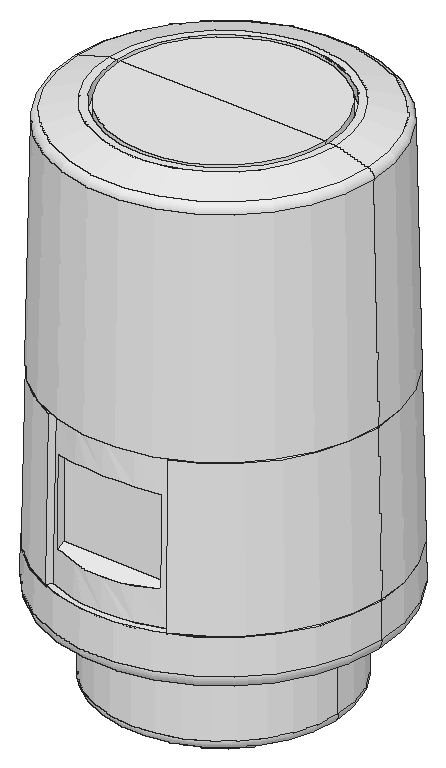
Revit family "Danfoss Ally Radiator Thermostat_RFA", category Pipe Accessories, Revit 2019
Family settings
  Round Connector Dimension = Use Diameter
  Part Type = Normal
  Work Plane-Based = No
  Always vertical = Yes
  Cut with Voids When Loaded = No
  Shared = Yes
Parameters (values of type "Danfoss Ally Radiator Thermostat_014G2420")
  URL = "https://assets.danfoss.com/documents/149932/AI319043912283en-030105.pdf"
  Spindle movement = "Linear, up to 4.5 mm, max. 2 mm on valve (1 mm/s"  # constant formula
  Setting Temperature Range = "5 to 35 °C\r"  # constant formula
  Recommended use = "Residential (pollution degree 2)\r"  # constant formula
  Power Supply = "2 x 1.5 V alkaline AA batteries"  # constant formula
  Piower Supply RT = ""
  Model Type = "Programmable electronic radiator valve controller"  # constant formula
  Model = "014G2420"
  Maximum Water Temperature = "90 °C\r"  # constant formula
  Manufacturer = "Danfoss"  # constant formula
  IfcExportType = "Danfoss Ally Radiator Thermostat"  # constant formula
  IfcExportAs = "IfcActuatorType"  # constant formula
  IP Rating = "IP20"  # constant formula
  H_RAVL = 85 mm
  H_RAV = 85 mm
  H_RA = 93.2 mm
  H_M30 = 80.8 mm
  H_GIACOMINI = 88.7 mm
  H_CALEFFI = 81.6 mm
  H2 = 35.4 mm  # constant formula
  H1 = 8.4 mm  # constant formula
  H = 76.6 mm  # constant formula
  Display = "LCD with white backlight"  # constant formula
  Description = "Danfoss Ally Radiator Thermostat"  # constant formula
  D = 55.4 mm  # constant formula
  D1 = 52.4 mm  # constant formula
  Control = "PID\r"  # constant formula
  Ambient Temperature Range = "0 to 40 °C\r"  # constant formula
  Adapter_RAVL = no
  Adapter_RAV = no
  Adapter_RA = yes
  Adapter_M30 = yes
  Adapter_Giacomini = no
  Adapter_Caleffi = no
  Actuator = "Electromechanical"  # constant formula
Types (3, lengths in mm): name | Model | Adapter_RAVL | Adapter_RAV | Adapter_Giacomini | Adapter_Caleffi
  Danfoss Ally Radiator Thermostat_014G2420 | "014G2420" | no | no | no | no
  Danfoss Ally Radiator Thermostat_014G2460 | "014G2460" | yes | yes | no | no
  Danfoss Ally Radiator Thermostat_014G2461 | "014G2420, 014G2460, 014G2461" | no | no | yes | yes
Reference planes
  plane 1 "Center (Front/Back)": y = 0
  plane 2: z = 0
  plane 3 "Center (Left/Right)": x = 0
  plane 4: z = 8.4
  plane 5: z = 76.6
  plane 6: y = -22
  plane 7: y = 22
  plane 8: z = 35.4
  plane 9: x = -27.7
  plane 10: x = 27.7
  plane 11: x = -21
  plane 12: x = 21
  plane 13: x = 19.5
  plane 14: z = 62.417
  plane 15: x = -26.2
  plane 16: x = 26.2
  plane 17: through (-26.2, -1524, 76.6) normal (0.9998, 0, -0.0196)
  plane 18: through (26.2, -1524, 76.6) normal (0.9998, 0, 0.0196)
  plane 19: z = 74.7
  plane 20: x = -19.7
Forms (mm)
  Revolve 1, solid, material "Plastic - Danfoss - White"
    sketch origin (0, 0, 0) x (1, 0, 0) y (0, 0, 1)
      loop
        line (-27.536, 8.4) -> (-27.655, 2.275)
        arc (-27.655, 2.275) -> (-27.018, 0.669) -> (-25.425, 0) r 2.231
        line (-25.425, 0) -> (0, 0) -> (0, 8.4) -> (-27.536, 8.4)
      axis (0, 8.4) -> (0, 0)
    angle from 0 to 360
  Revolve 2, solid, material "Plastic - Danfoss - White"
    sketch origin (0, 0, 0) x (1, 0, 0) y (0, 0, 1)
      loop
        line (-27.011, 35.2) -> (-27.532, 8.6) -> (-26.2, 8.6) -> (-26.2, 6.4) -> (0, 6.4) -> (0, 37.4) -> (-19.7, 37.4) -> (-19.7, 35.2) -> (-27.011, 35.2)
      axis (0, 37.4) -> (0, 6.4)
    angle from 0 to 360
  Revolve 3, solid, material "Plastic - Danfoss - White"
    sketch origin (0, 0, 0) x (1, 0, 0) y (0, 0, 1)
      loop
        line (-26.259, 73.597) -> (-27.007, 35.4) -> (0, 35.4) -> (0, 76.6) -> (-19.7, 76.6) -> (-25.178, 75.008)
        arc (-25.178, 75.008) -> (-25.95, 74.48) -> (-26.259, 73.597) r 1.5
      axis (0, 76.6) -> (0, 35.4)
    angle from 0 to 360
  Extrusion 4, void
    sketch origin (0, 0, 0) x (1, 0, 0) y (0, 1, 0)
      loop
        circle (0, 0) r 18.48
      loop
        circle (0, 0) r 17.78
    from 74.7 to 76.6
  Revolve 5, void
    sketch origin (0, 0, 0) x (1, 0, 0) y (0, 0, 1)
      loop
        line (-26.011, 35.2) -> (-29.7, 35.2) -> (-29.7, 8.6) -> (-26.531, 8.6) -> (-26.011, 35.2)
      axis (0, 35.2) -> (0, 8.6)
    angle from 247.5 to 292.5
  Extrusion 6, void
    sketch origin (0, 0, 0) x (0, 1, 0) y (0, 0, 1)
      loop
        line (-23.5, 28.7) -> (-29, 30.9) -> (-29, 12.9) -> (-23.5, 15.1) -> (-23.5, 28.7)
    from -9 to 9
  Revolve 7, void
    sketch origin (0, 0, 0) x (1, 0, 0) y (0, 0, 1)
      loop
        line (-24.2, 0) -> (0, 0) -> (0, 7) -> (-14.2, 7) -> (-14.2, 3.1) -> (-24.2, 3.1) -> (-24.2, 0)
      axis (0, 7) -> (0, 0)
    angle from 0 to 360
Cuts and joins
  Extrusion 4, Revolve 5, Revolve 7 cuts Revolve 1
  Extrusion 4, Revolve 5, Extrusion 6, Revolve 7 cuts Revolve 2
  Extrusion 4, Revolve 5 cuts Revolve 3
Dimensions and locks
  "H": plane 5 to level
  equal spacing: plane 7, plane 1 "Center (Front/Back)", plane 6
  equal spacing: plane 9, plane 3 "Center (Left/Right)", plane 10
  "H2": plane 8 to level
  "H1": plane 4 to level
  "D": plane 9 to plane 10
  equal spacing: plane 15, plane 3 "Center (Left/Right)", plane 16
  "D1": plane 15 to plane 16
  Revolve 2 sketch curve to Revolve 2 sketch curve = 2.2 mm  (x2)
  Revolve 2 sketch curve to Revolve 1 = 0.2 mm
  plane 8 to Revolve 2 sketch curve = 0.2 mm
  locked: plane 3 "Center (Left/Right)" to plane 20 at 19.7
  locked: plane 5 to plane 19 at 1.9
  Revolve 5 sketch curve to plane 17 = 1 mm
  plane 8 to Extrusion 6 sketch curve = 4.5 mm
  Extrusion 6 sketch curve to cut or joined group of Revolve 3, Extrusion 4, Revolve 5 = 6.7 mm
  Extrusion 6 sketch curve to plane 4 = 4.5 mm
  cut or joined group of Revolve 1, Extrusion 4, Revolve 5, Revolve 7 to Extrusion 6 sketch curve = 6.7 mm
  Extrusion 6 sketch curve to Extrusion 6 sketch curve = 5.5 mm
  Extrusion 6 sketch curve to plane 6 = 1.5 mm
  "H_RA": plane 5 to nested 1
  plane 3 "Center (Left/Right)" to Revolve 7 sketch curve = 14.2 mm
  nested 1 to Revolve 7 sketch curve = 24.2 mm
  Revolve 7 sketch curve to level = 3.1 mm
  Revolve 7 sketch curve to level = 7 mm
  "H_M30": plane 5 to nested 2
  "H_RAV": plane 5 to nested 3
  "H_RAVL": plane 5 to nested 4
  "H_CALEFFI": plane 5 to nested 5
  "H_GIACOMINI": plane 5 to nested 6
  radius of Revolve 1 sketch curve = 2.231 mm
  diameter of Extrusion 4 sketch curve = 36.959 mm
  radius of Revolve 3 sketch curve = 1.5 mm
  angle plane 5 to plane 17 = 88.8782°
  angle plane 18 to plane 5 = 88.8782°
  aligned and locked: level to plane 2
  aligned and locked: Revolve 1 sketch curve to level
  aligned and locked: Revolve 1 sketch curve to plane 4
  aligned and locked: Revolve 1 sketch curve to plane 3 "Center (Left/Right)"
  aligned and locked: Revolve 2 sketch curve to plane 17
  aligned and locked: Revolve 2 sketch curve to plane 3 "Center (Left/Right)"
  aligned and locked: Revolve 3 sketch curve to plane 17
  aligned and locked: Revolve 3 sketch curve to plane 5
  aligned and locked: Revolve 3 sketch curve to plane 8
  aligned and locked: Revolve 3 sketch curve to plane 3 "Center (Left/Right)"
  aligned and locked: plane 5 to Extrusion 4
  aligned and locked: Extrusion 4 to plane 19
  aligned and locked: plane 20 to Revolve 2 sketch curve
  aligned and locked: Revolve 7 sketch curve to level
  aligned and locked: Revolve 7 sketch curve to plane 3 "Center (Left/Right)"
  aligned and locked: plane 1 "Center (Front/Back)" to nested 2  (x2)
  aligned and locked: plane 3 "Center (Left/Right)" to nested 2
  aligned and locked: plane 3 "Center (Left/Right)" to nested 1
  aligned and locked: plane 1 "Center (Front/Back)" to nested 1
  aligned and locked: plane 3 "Center (Left/Right)" to nested 3
  aligned and locked: plane 3 "Center (Left/Right)" to nested 4
  aligned and locked: plane 1 "Center (Front/Back)" to nested 4
  aligned and locked: plane 3 "Center (Left/Right)" to nested 5
  aligned and locked: plane 1 "Center (Front/Back)" to nested 5
  aligned and locked: plane 3 "Center (Left/Right)" to nested 6
  aligned and locked: plane 1 "Center (Front/Back)" to nested 6
Automatic sketch dimensions
  Revolve 1 sketch curve to plane 17 = 0 mm  (x2)
  Revolve 1 sketch curve to plane 3 "Center (Left/Right)" = 0 mm
  Revolve 1 sketch curve to level = 0 mm
  Revolve 1 sketch curve to plane 4 = 0 mm
  Revolve 1 sketch curve to plane 9 = 0.045 mm
  Revolve 2 sketch curve to plane 3 "Center (Left/Right)" = 0 mm
  Revolve 2 sketch curve to Revolve 2 sketch curve = 0 mm  (x2)
  plane 1 "Center (Front/Back)" to Extrusion 4 sketch curve = 0 mm
  Extrusion 4 sketch curve to plane 3 "Center (Left/Right)" = 0 mm
  Revolve 3 sketch curve to plane 20 = 0 mm
  Revolve 3 sketch curve to plane 3 "Center (Left/Right)" = 0 mm
  Revolve 3 sketch curve to plane 8 = 0 mm
  Revolve 3 sketch curve to plane 5 = 0 mm
  plane 15 to Revolve 3 sketch curve = 0.059 mm
  plane 19 to Revolve 3 sketch curve = 0.308 mm
  Revolve 3 sketch curve to plane 15 = 1.022 mm
  Revolve 5 sketch curve to plane 3 "Center (Left/Right)" = 0 mm
  plane 4 to Revolve 5 sketch curve = 0.2 mm  (x2)
  Revolve 5 sketch curve to plane 8 = 0.2 mm
  Revolve 5 sketch curve to plane 15 = 0.189 mm
  plane 9 to Revolve 5 sketch curve = 2 mm
  plane 15 to Revolve 2 sketch curve = 0 mm
  Revolve 7 sketch curve to plane 3 "Center (Left/Right)" = 0 mm
  Revolve 7 sketch curve to level = 0 mm
  Revolve 7 sketch curve to Revolve 7 sketch curve = 0 mm
Nested families
  nested 1: "Adapter_RA_014G0251_RFA" at (0, 0, -16.6), visible <- "Adapter_RA", type "Adapter_RA_014G0251"
  nested 2: "Adapter_M30_014G0252_RFA" at (0, 0, -4.2), visible <- "Adapter_M30", type "Adapter_M30_014G0252"
  nested 3: "Adapter_RAV_014G0250_RFA" at (0, 0, -8.4), visible <- "Adapter_RAV", type "Adapter_RAV_014G0250"
  nested 4: "Adapter_RAVL_014G0250_RFA" at (0, 0, -8.4), visible <- "Adapter_RAVL", type "Adapter_RAVL_014G0250"
  nested 5: "Adapter_Caleffi_014G0263_RFA" at (0, 0, -5), visible <- "Adapter_Caleffi", type "Adapter_Caleffi_014G0263"
  nested 6: "Adapter_Giacomini_014G0263_RFA" at (0, 0, -12.1), visible <- "Adapter_Giacomini", type "Adapter_Giacomini_014G0263"
Definition of nested family "Adapter_RA_014G0251_RFA"
  Parameters (values of type "Adapter_RA_014G0251")
    Model = "014G0251"
    Manufacturer = "Danfoss"  # constant formula
    H2 = 19 mm
    H1 = 3 mm
    H = 24.4 mm
    Description = "Adapter_RA"
    D = 40 mm
  Reference planes
    plane 1 "Center (Front/Back)": y = 0
    plane 2: z = 0
    plane 3 "Center (Left/Right)": x = 0
    plane 4: z = 24.4
    plane 5: z = 3
    plane 6: x = 20
    plane 7: x = -20
    plane 8: z = 19.7
    plane 9: z = 22
  Forms (mm)
    Revolve 1, solid
      sketch origin (0, 0, 0) x (1, 0, 0) y (0, 0, 1)
        loop
          arc (-14.2, 0.547) -> (-14.04, 0.16) -> (-13.653, 0) r 0.547
          line (-13.653, 0) -> (0, 0) -> (0, 24.4) -> (-15, 24.4) -> (-15, 22) -> (-20, 22) -> (-20, 4.6)
          arc (-20, 4.6) -> (-19.531, 3.469) -> (-18.4, 3) r 1.6
          line (-18.4, 3) -> (-14.2, 3) -> (-14.2, 0.547)
        axis (0, 24.4) -> (0, 0)
      angle from 0 to 360
    Revolve 2, void
      sketch origin (0, 0, 0) x (1, 0, 0) y (0, 0, 1)
        loop
          line (-11.8, 0) -> (0, 0) -> (0, 24.4) -> (-9.7, 24.4) -> (-9.7, 13.6) -> (-11.8, 13.6) -> (-11.8, 0)
        axis (0, 24.4) -> (0, 0)
      angle from 0 to 360
  Cuts and joins
    Revolve 2 cuts Revolve 1
  Dimensions and locks
    equal spacing: plane 6, plane 3 "Center (Left/Right)", plane 7
    "D": plane 6 to plane 7
    "H": plane 4 to level
    "H1": plane 5 to level
    plane 3 "Center (Left/Right)" to Revolve 1 sketch curve = 14.2 mm
    Revolve 1 sketch curve to Revolve 1 sketch curve = 15 mm
    "H2": plane 9 to plane 5
    radius of Revolve 1 sketch curve = 1.6 mm
    radius of Revolve 1 sketch curve = 0.547 mm
    aligned and locked: level to plane 2
    aligned and locked: Revolve 1 sketch curve to plane 7
    aligned and locked: Revolve 1 sketch curve to plane 9
    aligned and locked: Revolve 1 sketch curve to level
    aligned and locked: Revolve 1 sketch curve to plane 5
    aligned and locked: Revolve 1 sketch curve to plane 4
    aligned and locked: Revolve 1 sketch curve to plane 3 "Center (Left/Right)"
    aligned and locked: Revolve 2 sketch curve to level
    aligned and locked: Revolve 2 sketch curve to plane 4
    aligned and locked: Revolve 2 sketch curve to plane 3 "Center (Left/Right)"
  Automatic sketch dimensions
    Revolve 1 sketch curve to plane 3 "Center (Left/Right)" = 0 mm
    Revolve 1 sketch curve to level = 0 mm
    Revolve 1 sketch curve to plane 4 = 0 mm
    Revolve 2 sketch curve to plane 3 "Center (Left/Right)" = 0 mm
    Revolve 2 sketch curve to level = 0 mm
    Revolve 2 sketch curve to plane 4 = 0 mm
    Revolve 2 sketch curve to Revolve 2 sketch curve = 9.7 mm
    plane 7 to Revolve 2 sketch curve = 8.2 mm
    Revolve 2 sketch curve to plane 8 = 6.1 mm
Definition of nested family "Adapter_M30_014G0252_RFA"
  Parameters (values of type "Adapter_M30_014G0252")
    Model = "014G0252"
    Manufacturer = "Danfoss"  # constant formula
    H2 = 9.6 mm
    H1 = 0 mm
    H = 12 mm
    Description = "Adapter_M30"
    D = 40 mm
  Reference planes
    plane 1 "Center (Front/Back)": y = 0
    plane 2: z = 0
    plane 3 "Center (Left/Right)": x = 0
    plane 4: z = 12
    plane 5: z = 0
    plane 6: x = 20
    plane 7: x = -20
    plane 8: z = 9.6
  Forms (mm)
    Revolve 1, solid
      sketch origin (0, 0, 0) x (1, 0, 0) y (0, 0, 1)
        loop
          line (-20, 9.6) -> (-20, 1.6)
          arc (-20, 1.6) -> (-19.531, 0.469) -> (-18.4, 0) r 1.6
          line (-18.4, 0) -> (0, 0) -> (0, 12) -> (-15, 12) -> (-15, 9.6) -> (-20, 9.6)
        axis (0, 12) -> (0, 0)
      angle from 0 to 360
    Revolve 2, void
      sketch origin (0, 0, 0) x (1, 0, 0) y (0, 0, 1)
        loop
          line (-14, 0) -> (0, 0) -> (0, 12) -> (-11.8, 12) -> (-11.8, 5.2) -> (-14, 5.2) -> (-14, 0)
        axis (0, 12) -> (0, 0)
      angle from 0 to 360
  Cuts and joins
    Revolve 2 cuts Revolve 1
  Dimensions and locks
    equal spacing: plane 6, plane 3 "Center (Left/Right)", plane 7
    "D": plane 6 to plane 7
    "H": plane 4 to level
    "H1": plane 5 to level
    Revolve 1 sketch curve to Revolve 1 sketch curve = 15 mm
    "H2": plane 8 to plane 5
    Revolve 2 sketch curve to cut or joined group of Revolve 1, Revolve 2 = 5.2 mm
    plane 3 "Center (Left/Right)" to Revolve 2 sketch curve = 11.8 mm
    plane 3 "Center (Left/Right)" to Revolve 2 sketch curve = 14 mm
    radius of Revolve 1 sketch curve = 1.6 mm
    aligned and locked: level to plane 2
    aligned and locked: Revolve 1 sketch curve to plane 7
    aligned and locked: Revolve 1 sketch curve to plane 8
    aligned and locked: Revolve 1 sketch curve to plane 5
    aligned and locked: Revolve 1 sketch curve to plane 4
    aligned and locked: Revolve 1 sketch curve to plane 3 "Center (Left/Right)"
    aligned and locked: Revolve 2 sketch curve to level
    aligned and locked: Revolve 2 sketch curve to plane 4
    aligned and locked: Revolve 2 sketch curve to plane 3 "Center (Left/Right)"
  Automatic sketch dimensions
    Revolve 1 sketch curve to plane 3 "Center (Left/Right)" = 0 mm
    level to Revolve 1 sketch curve = 3 mm
    Revolve 1 sketch curve to plane 4 = 0 mm
    Revolve 2 sketch curve to plane 3 "Center (Left/Right)" = 0 mm
    Revolve 2 sketch curve to level = 0 mm
    Revolve 2 sketch curve to plane 4 = 0 mm
Definition of nested family "Adapter_RAV_014G0250_RFA"
  Parameters (values of type "Adapter_RAV_014G0250")
    Model = "014G0250"
    Manufacturer = "Danfoss"  # constant formula
    H2 = 13.7 mm
    H1 = 0 mm
    H = 16.1 mm
    Description = "Adapter_RAV"
    D = 42.3 mm
  Reference planes
    plane 1 "Center (Front/Back)": y = 0
    plane 2: z = 0
    plane 3 "Center (Left/Right)": x = 0
    plane 4: z = 16.1
    plane 5: z = 0
    plane 6: x = 21.15
    plane 7: x = -21.15
    plane 8: z = 13.7
  Forms (mm)
    Revolve 1, solid
      sketch origin (0, 0, 0) x (1, 0, 0) y (0, 0, 1)
        loop
          line (-21.15, 13.7) -> (-21.15, 1.6)
          arc (-21.15, 1.6) -> (-20.681, 0.469) -> (-19.55, 0) r 1.6
          line (-19.55, 0) -> (0, 0) -> (0, 16.1) -> (-15, 16.1) -> (-15, 13.7) -> (-21.15, 13.7)
        axis (0, 16.1) -> (0, 0)
      angle from 0 to 360
    Revolve 2, void
      sketch origin (0, 0, 0) x (1, 0, 0) y (0, 0, 1)
        loop
          line (-16.4, 0) -> (0, 0) -> (0, 16.1) -> (-9.5, 16.1) -> (-9.5, 9.9) -> (-16.4, 9.9) -> (-16.4, 0)
        axis (0, 16.1) -> (0, 0)
      angle from 0 to 360
  Cuts and joins
    Revolve 2 cuts Revolve 1
  Dimensions and locks
    equal spacing: plane 6, plane 3 "Center (Left/Right)", plane 7
    "D": plane 6 to plane 7
    "H": plane 4 to level
    "H1": plane 5 to level
    Revolve 1 sketch curve to Revolve 1 sketch curve = 15 mm
    "H2": plane 8 to plane 5
    Revolve 2 sketch curve to cut or joined group of Revolve 1, Revolve 2 = 9.9 mm
    plane 3 "Center (Left/Right)" to Revolve 2 sketch curve = 9.5 mm
    plane 3 "Center (Left/Right)" to Revolve 2 sketch curve = 16.4 mm
    radius of Revolve 1 sketch curve = 1.6 mm
    aligned and locked: level to plane 2
    aligned and locked: Revolve 1 sketch curve to plane 7
    aligned and locked: Revolve 1 sketch curve to plane 8
    aligned and locked: Revolve 1 sketch curve to plane 5
    aligned and locked: Revolve 1 sketch curve to plane 4
    aligned and locked: Revolve 1 sketch curve to plane 3 "Center (Left/Right)"
    aligned and locked: Revolve 2 sketch curve to level
    aligned and locked: Revolve 2 sketch curve to plane 4
    aligned and locked: Revolve 2 sketch curve to plane 3 "Center (Left/Right)"
  Automatic sketch dimensions
    Revolve 1 sketch curve to plane 3 "Center (Left/Right)" = 0 mm
    level to Revolve 1 sketch curve = 3 mm
    Revolve 1 sketch curve to plane 4 = 0 mm
    Revolve 2 sketch curve to plane 3 "Center (Left/Right)" = 0 mm
    Revolve 2 sketch curve to level = 0 mm
    Revolve 2 sketch curve to plane 4 = 0 mm
Definition of nested family "Adapter_RAVL_014G0250_RFA"
  Parameters (values of type "Adapter_RAVL_014G0250")
    Model = "014G0250"
    Manufacturer = "Danfoss"  # constant formula
    H2 = 4.4 mm
    H1 = 9.4 mm
    H = 16.2 mm
    Description = "Adapter_RAVL"
    D = 40 mm
  Reference planes
    plane 1 "Center (Front/Back)": y = 0
    plane 2: z = 0
    plane 3 "Center (Left/Right)": x = 0
    plane 4: z = 16.2
    plane 5: z = 9.4
    plane 6: x = 20
    plane 7: x = -20
    plane 8: z = 19.7
    plane 9: z = 13.8
  Forms (mm)
    Revolve 1, solid
      sketch origin (0, 0, 0) x (1, 0, 0) y (0, 0, 1)
        loop
          arc (-17, 1.6) -> (-16.531, 0.469) -> (-15.4, 0) r 1.6
          line (-15.4, 0) -> (0, 0) -> (0, 16.2) -> (-15, 16.2) -> (-15, 13.8) -> (-20, 13.8) -> (-20, 9.9)
          arc (-20, 9.9) -> (-19.854, 9.546) -> (-19.5, 9.4) r 0.5
          line (-19.5, 9.4) -> (-17, 9.4) -> (-17, 1.6)
        axis (0, 16.2) -> (0, 0)
      angle from 0 to 360
    Revolve 2, void
      sketch origin (0, 0, 0) x (1, 0, 0) y (0, 0, 1)
        loop
          line (-12.2, 0) -> (0, 0) -> (0, 16.2) -> (-9.5, 16.2) -> (-9.5, 9.9) -> (-12.2, 9.9) -> (-12.2, 0)
        axis (0, 16.2) -> (0, 0)
      angle from 0 to 360
  Cuts and joins
    Revolve 2 cuts Revolve 1
  Dimensions and locks
    equal spacing: plane 6, plane 3 "Center (Left/Right)", plane 7
    "D": plane 6 to plane 7
    "H": plane 4 to level
    "H1": plane 5 to level
    plane 3 "Center (Left/Right)" to Revolve 1 sketch curve = 17 mm
    Revolve 1 sketch curve to Revolve 1 sketch curve = 15 mm
    "H2": plane 9 to plane 5
    plane 3 "Center (Left/Right)" to Revolve 2 sketch curve = 12.2 mm
    cut or joined group of Revolve 1, Revolve 2 to level = 9.9 mm
    plane 3 "Center (Left/Right)" to Revolve 2 sketch curve = 9.5 mm
    radius of Revolve 1 sketch curve = 0.5 mm
    radius of Revolve 1 sketch curve = 1.6 mm
    aligned and locked: level to plane 2
    aligned and locked: Revolve 1 sketch curve to plane 7
    aligned and locked: Revolve 1 sketch curve to plane 9
    aligned and locked: Revolve 1 sketch curve to level
    aligned and locked: Revolve 1 sketch curve to plane 5
    aligned and locked: Revolve 1 sketch curve to plane 4
    aligned and locked: Revolve 1 sketch curve to plane 3 "Center (Left/Right)"
    aligned and locked: Revolve 2 sketch curve to level
    aligned and locked: Revolve 2 sketch curve to plane 4
    aligned and locked: Revolve 2 sketch curve to plane 3 "Center (Left/Right)"
  Automatic sketch dimensions
    Revolve 1 sketch curve to plane 3 "Center (Left/Right)" = 0 mm
    Revolve 1 sketch curve to level = 0 mm
    Revolve 1 sketch curve to plane 4 = 0 mm
    Revolve 2 sketch curve to plane 3 "Center (Left/Right)" = 0 mm
    Revolve 2 sketch curve to level = 0 mm
    Revolve 2 sketch curve to plane 4 = 0 mm
    Revolve 2 sketch curve to plane 8 = 9.8 mm
Definition of nested family "Adapter_Caleffi_014G0263_RFA"
  Parameters (values of type "Adapter_Caleffi_014G0263")
    Model = "014G0263"
    Manufacturer = "Danfoss"  # constant formula
    H2 = 9.6 mm
    H1 = 0 mm
    H = 5.8 mm
    Description = "Adapter_Caleffi"
    D = 40 mm
  Reference planes
    plane 1 "Center (Front/Back)": y = 0
    plane 2: z = 0
    plane 3 "Center (Left/Right)": x = 0
    plane 4: z = 5.8
    plane 5: z = 0
    plane 6: x = 20
    plane 7: x = -20
    plane 8: z = 9.6
    plane 9: through (0, 0, 1200) normal (-0.7071, 0.7071, 0)
    plane 10: through (0, 0, 1200) normal (0.7071, 0.7071, 0)
  Forms (mm)
    Revolve 1, solid
      sketch origin (0, 0, 0) x (1, 0, 0) y (0, 0, 1)
        loop
          line (-15, 0) -> (0, 0) -> (0, 5.8) -> (-15, 5.8) -> (-15, 0)
        axis (0, 5.8) -> (0, 0)
      angle from 0 to 360
    Revolve 2, void
      sketch origin (0, 0, 0) x (1, 0, 0) y (0, 0, 1)
        loop
          line (-10.8, 0) -> (0, 0) -> (0, 5.8) -> (-5, 5.8) -> (-5, 4.5) -> (-10.8, 4.5) -> (-10.8, 0)
        axis (0, 5.8) -> (0, 0)
      angle from 0 to 360
    Extrusion 3, void
      sketch origin (0, 0, 0) x (1, 0, 0) y (0, 1, 0)
        loop
          line (-5.543, 9.6) -> (-11.085, 0) -> (-5.543, -9.6) -> (5.543, -9.6) -> (11.085, 0) -> (5.543, 9.6) -> (-5.543, 9.6)
      from 4.5 to 5.8
  Cuts and joins
    Revolve 2, Extrusion 3 cuts Revolve 1
  Dimensions and locks
    equal spacing: plane 6, plane 3 "Center (Left/Right)", plane 7
    "D": plane 6 to plane 7
    "H": plane 4 to level
    "H1": plane 5 to level
    Revolve 1 sketch curve to Revolve 1 sketch curve = 15 mm
    "H2": plane 8 to plane 5
    Revolve 2 sketch curve to cut or joined group of Revolve 1, Revolve 2, Extrusion 3 = 4.5 mm
    plane 3 "Center (Left/Right)" to Revolve 2 sketch curve = 5 mm
    plane 3 "Center (Left/Right)" to Revolve 2 sketch curve = 10.8 mm
    Extrusion 3 sketch curve to Extrusion 3 sketch curve = 19.2 mm  (x3)
    angle Extrusion 3 sketch curve to Extrusion 3 sketch curve = 120.00°  (x3)
    aligned and locked: level to plane 2
    aligned and locked: Revolve 1 sketch curve to plane 5
    aligned and locked: Revolve 1 sketch curve to plane 4
    aligned and locked: Revolve 1 sketch curve to plane 3 "Center (Left/Right)"
    aligned and locked: Revolve 2 sketch curve to level
    aligned and locked: Revolve 2 sketch curve to plane 4
    aligned and locked: Revolve 2 sketch curve to plane 3 "Center (Left/Right)"
    aligned and locked: plane 4 to Extrusion 3
    aligned and locked: Extrusion 3 to cut or joined group of Revolve 1, Revolve 2, Extrusion 3
  Automatic sketch dimensions
    Revolve 1 sketch curve to plane 3 "Center (Left/Right)" = 0 mm
    level to Revolve 1 sketch curve = 3 mm
    Revolve 1 sketch curve to plane 4 = 0 mm
    Revolve 2 sketch curve to plane 3 "Center (Left/Right)" = 0 mm
    Revolve 2 sketch curve to level = 0 mm
    Revolve 2 sketch curve to plane 4 = 0 mm
    Extrusion 3 sketch curve to plane 10 = 2.869 mm
    Extrusion 3 sketch curve to Extrusion 3 sketch curve = 0 mm
    plane 1 "Center (Front/Back)" to Extrusion 3 sketch curve = 0 mm
Definition of nested family "Adapter_Giacomini_014G0263_RFA"
  Parameters (values of type "Adapter_Giacomini_014G0263")
    Model = "014G0263"
    Manufacturer = "Danfoss"  # constant formula
    H3 = 4 mm
    H2 = 8 mm
    H1 = 5 mm
    H = 23 mm
    Description = "Adapter_Giacomini"
    D = 30 mm
  Reference planes
    plane 1 "Center (Front/Back)": y = 0
    plane 2: z = 0
    plane 3 "Center (Left/Right)": x = 0
    plane 4: z = 23
    plane 5: z = 5
    plane 6: x = 15
    plane 7: x = -15
    plane 8: z = 17
    plane 9: z = 13
  Forms (mm)
    Revolve 1, solid
      sketch origin (0, 0, 0) x (1, 0, 0) y (0, 0, 1)
        loop
          line (-13, 0) -> (0, 0) -> (0, 23) -> (-4, 23) -> (-4, 18) -> (-6, 16) -> (-8, 16) -> (-8, 13) -> (-15, 13) -> (-15, 5) -> (-13, 5) -> (-13, 0)
        axis (0, 23) -> (0, 0)
      angle from 0 to 360
    Extrusion 2, solid
      sketch origin (0, 0, 0) x (1, 0, 0) y (0, 1, 0)
        loop
          line (-5.608, 9.5) -> (-10.97, 0.214) -> (-5.361, -9.5) -> (5.361, -9.5) -> (10.97, 0.214) -> (5.608, 9.5) -> (-5.608, 9.5)
      from 13 to 17
    Revolve 3, void
      sketch origin (0, 0, 0) x (1, 0, 0) y (0, 0, 1)
        loop
          line (-3, 23) -> (-3, 16) -> (-7, 16) -> (-7, 12) -> (-12, 12) -> (-12, 0) -> (0, 0) -> (0, 23) -> (-3, 23)
        axis (0, 23) -> (0, 0)
      angle from 0 to 360
    Extrusion 4, void
      sketch origin (0, 0, 0) x (1, 0, 0) y (0, 0, 1)
        loop
          line (-15, 0) -> (-6.3, 0)
          arc (-6.3, 0) -> (-8.899, 2.421) -> (-12.34, 3.3) r 7.178
          line (-12.34, 3.3) -> (-15, 3.3) -> (-15, 0)
        loop
          line (15, 0) -> (15, 3.3) -> (12.34, 3.3)
          arc (12.34, 3.3) -> (8.899, 2.421) -> (6.3, 0) r 7.178
          line (6.3, 0) -> (15, 0)
      from -20 to 20
    Extrusion 5, void
      sketch origin (0, 0, 0) x (1, 0, 0) y (0, 1, 0)
        loop
          line (-16.5, 1.5) -> (-16.5, -1.5) -> (-1.5, -1.5) -> (-1.5, -16.5) -> (1.5, -16.5) -> (1.5, -1.5) -> (16.5, -1.5) -> (16.5, 1.5) -> (1.5, 1.5) -> (1.5, 16.5) -> (-1.5, 16.5) -> (-1.5, 1.5) -> (-16.5, 1.5)
      from 0 to 5
    Extrusion 6, void
      sketch origin (0, 0, 0) x (0, 1, 0) y (0, 0, 1)
        loop
          line (-1, 0) -> (1, 0) -> (1, 23) -> (-1, 23) -> (-1, 0)
      from -1.5 to 16
    Extrusion 7, void
      sketch origin (0, 0, 0) x (0, 1, 0) y (0, 0, 1)
        loop
          line (-1, 23) -> (-1, 18) -> (1, 18) -> (1, 23) -> (-1, 23)
      from -5.608 to 16
  Cuts and joins
    Revolve 3, Extrusion 4, Extrusion 5, Extrusion 6, Extrusion 7 cuts Revolve 1
    Revolve 3, Extrusion 5, Extrusion 6, Extrusion 7 cuts Extrusion 2
    joined: Revolve 1, Extrusion 2
  Dimensions and locks
    equal spacing: plane 6, plane 3 "Center (Left/Right)", plane 7
    "D": plane 6 to plane 7
    "H": plane 4 to level
    "H1": plane 5 to level
    "H2": plane 9 to plane 5
    "H3": plane 8 to plane 9
    Revolve 1 sketch curve to Revolve 1 sketch curve = 4 mm
    Revolve 1 sketch curve to Revolve 1 sketch curve = 8 mm
    Revolve 1 sketch curve to Revolve 1 sketch curve = 15 mm
    Revolve 1 sketch curve to Revolve 1 sketch curve = 13 mm
    Revolve 1 sketch curve to Revolve 1 sketch curve = 2.828 mm
    Extrusion 2 sketch curve to Extrusion 2 sketch curve = 19 mm  (x3)
    equal spacing: Extrusion 2 sketch curve, plane 1 "Center (Front/Back)", Extrusion 2 sketch curve
    equal spacing: Extrusion 2 sketch curve, plane 3 "Center (Left/Right)", Extrusion 2 sketch curve
    Revolve 3 sketch curve to Revolve 3 sketch curve = 3 mm
    Revolve 3 sketch curve to Revolve 3 sketch curve = 7 mm
    Revolve 3 sketch curve to Revolve 3 sketch curve = 12 mm
    plane 8 to Revolve 3 sketch curve = 1 mm
    Revolve 1 to Revolve 3 sketch curve = 1 mm
    Extrusion 4 sketch curve to Extrusion 4 sketch curve = 3.3 mm
    equal spacing: Extrusion 6 sketch curve, plane 1 "Center (Front/Back)", Extrusion 6 sketch curve
    plane 4 to Revolve 1 sketch curve = 5 mm
    Revolve 1 sketch curve to Revolve 1 sketch curve = 2 mm
    Extrusion 7 sketch curve to plane 8 = 1 mm
    angle Extrusion 2 sketch curve to Extrusion 2 sketch curve = 120.00°  (x3)
    aligned and locked: level to plane 2
    aligned and locked: Revolve 1 sketch curve to level
    aligned and locked: Revolve 1 sketch curve to plane 7
    aligned and locked: Revolve 1 sketch curve to plane 4
    aligned and locked: Revolve 1 sketch curve to plane 9
    aligned and locked: Revolve 1 sketch curve to plane 5
    aligned and locked: Extrusion 2 to plane 9
    aligned and locked: plane 8 to Extrusion 2
    aligned and locked: Revolve 3 sketch curve to plane 4
    aligned and locked: Revolve 3 sketch curve to plane 3 "Center (Left/Right)"
    aligned and locked: Revolve 3 sketch curve to level
    aligned and locked: Extrusion 4 sketch curve to level
    aligned and locked: Extrusion 4 sketch curve to plane 7
    aligned and locked: plane 5 to Extrusion 5
    aligned and locked: Extrusion 5 to level
    aligned and locked: Extrusion 6 sketch curve to plane 4
    aligned and locked: Extrusion 6 sketch curve to level
    aligned and locked: Extrusion 7 sketch curve to plane 4
    aligned and locked: cut or joined group of Revolve 1, Extrusion 2, Revolve 3, Extrusion 4, Extrusion 5, Extrusion 6, Extrusion 7 to Extrusion 7 sketch curve
    aligned and locked: Extrusion 7 sketch curve to cut or joined group of Revolve 1, Extrusion 2, Revolve 3, Extrusion 4, Extrusion 5, Extrusion 6, Extrusion 7
  Automatic sketch dimensions
    Extrusion 2 sketch curve to plane 1 "Center (Front/Back)" = 0.214 mm
    Revolve 3 sketch curve to plane 3 "Center (Left/Right)" = 0 mm
    Revolve 3 sketch curve to level = 0 mm
    Revolve 3 sketch curve to plane 4 = 0 mm
    Extrusion 4 sketch curve to level = 0 mm
    Extrusion 4 sketch curve to plane 6 = 0 mm
    plane 7 to Extrusion 4 sketch curve = 2.66 mm
    Extrusion 4 sketch curve to plane 3 "Center (Left/Right)" = 6.3 mm
    plane 3 "Center (Left/Right)" to Extrusion 4 sketch curve = 6.3 mm
    Extrusion 4 sketch curve to plane 6 = 2.66 mm
    Extrusion 4 sketch curve to level = 3.878 mm
    plane 1 "Center (Front/Back)" to Extrusion 5 sketch curve = 1.5 mm  (x2)
    Extrusion 5 sketch curve to plane 7 = 1.5 mm
    plane 6 to Extrusion 5 sketch curve = 1.5 mm
    Extrusion 5 sketch curve to plane 1 "Center (Front/Back)" = 1.5 mm  (x2)
    Extrusion 5 sketch curve to Extrusion 5 sketch curve = 15 mm  (x2)
    Extrusion 5 sketch curve to plane 3 "Center (Left/Right)" = 1.5 mm  (x2)
    plane 3 "Center (Left/Right)" to Extrusion 5 sketch curve = 1.5 mm  (x2)
    plane 1 "Center (Front/Back)" to Extrusion 6 sketch curve = 1 mm
    Revolve 1 sketch curve to plane 3 "Center (Left/Right)" = 0 mm
    Revolve 1 sketch curve to level = 0 mm
    Revolve 1 sketch curve to plane 4 = 0 mm
